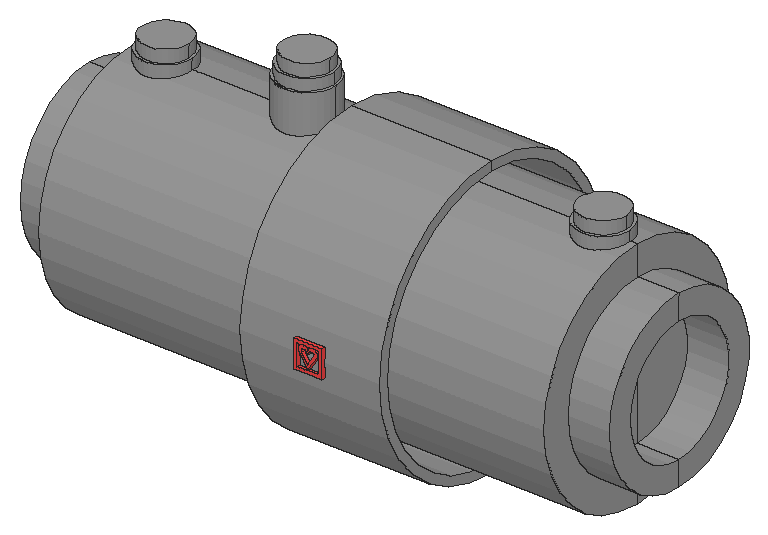
Revit family "Клапан предотвращения обратного потока 0307, внутренняя резьба х внутренняя резьба", category Rohrzubehör, Revit 2019
Family settings
  Bemaßung runder Anschluss = Durchmesser verwenden
  Teiletyp = Unterbricht
  OmniClass-Nummer = 23.65.55.14
  OmniClass-Titel = Valves for Liquid Services
  Arbeitsebenenbasiert = Nein
  Immer vertikal = Ja
  Beim Laden mit Abzugskörper schneiden = Nein
  Gemeinsam genutzt = Nein
Parameters (values of type "внутренняя резьба х внутренняя резьба DN40-DN40")
  Среда = "вода (не пар)"  # constant formula
  Примечание = "В соответствии со статьей 33 Регламента REACH (Registration; Evaluation; Authorisation; Restriction of Chemicals) (EC № 1907/2006) мы обязаны указать, что свинец внесен в список SVHC (Substances of Very High Concern - вещества очень высокой важности) и весовой процент свинца во всех латунных компонентах заводского изготовления в наших изделиях, превышает 0,1 % (w/w) (CAS: 7439-92-1 / EINECS: 231-100-4).\r\nПоскольку свинец является легирующим компонентом сплава, прямое негативное влияние исключается, и поэтому дополнительной информации о безопасном использовании не требуется."
  Область применения = "Клапан предотвращения обратного потока является экономически выгодным решением по дооснащению гидрантов арматурой, в соответствии с предписаниями DIN EN 1717, предотвращающей подсасывание непитьевой воды обратно в трубопровод питьевого водоснабжения.\r\nКлапан предотвращения обратного потока предназначается для установки в горизонтальном положении.\r\nДопускается также его вертикальное положение, но обязательно по направлению движения потока сверху вниз.\r\nКлапан не предусмотрен для установки на стояковых нагнетательных трубопроводах."
  Макс. рабочее давление = 1000000.0 Pa  # constant formula
  Макс. рабочая температура = 65 °C  # constant formula
  Корпус = "нержавеющая сталь"  # constant formula
  Исполнение = "Клапан предотвращения обратного потока ВА разработан согласно требованиям нормы DIN EN 1717.\r\nСогласно этой нормы качество воды, в зависимости от степени загрязнения, разделяется на 5 категорий.\r\nКлапан предотвращения обратного потока типа ВА обеспечивает защиту от непитьевой воды до 4 категории, - это самый высокий класс защиты, который может обеспечить арматура.\r\nБолее низкий уровень защиты, чем тот, что обеспечивается клапаном предотвращения обратного потока, не является стандартом и в случае аварии ответственность несёт потребитель такого гидранта.\r\nФункциональный узел представляет собой картридж с золотником больших размеров и защищающего от гидравлического удара спускного клапана.\r\nРезьбы соединения между собой взаимозаменяемы, при этом возможны 16 вариантов подключения (входная и выходная стороны могут быть с внутренней или наружной резьбой  1 1/2\" , как альтернатива,  с внутренней или наружной резьбой 2\")."
  URL = "www.herz-armaturen.ru"
  SCTWSEQ = "AW;SBT_TYP_AW=\"104\";2"
  SCTWCODE = "04;12;02"  # constant formula
  S03 = 15.000 mm  # constant formula
  S02 = 45.000 mm  # constant formula
  S01 = 98.000 mm  # constant formula
  Nennweite Ein [instance] = if(IG_IG_DN40_DN40, 40.000 mm, if(IG_IG_DN40_DN50, 40.000 mm, if(IG_IG_DN50_DN40, 50.000 mm, if(IG_IG_DN50_DN50, 50.000 mm, 0.000 mm))))  # 40.000 mm
  Nennweite Aus [instance] = if(IG_IG_DN40_DN40, 40.000 mm, if(IG_IG_DN40_DN50, 50.000 mm, if(IG_IG_DN50_DN40, 40.000 mm, if(IG_IG_DN50_DN50, 50.000 mm, 0.000 mm))))  # 40.000 mm
  Макс. допустимая рабочая температура (кратковременно) = 80 °C  # constant formula
  L08 = 45.000 mm  # constant formula
  L07 = 24.500 mm  # constant formula
  L06 = 70.000 mm  # constant formula
  L05 = 28.000 mm  # constant formula
  L04 = 13.500 mm  # constant formula
  L03 = 84.500 mm  # constant formula
  L02 = 18.000 mm  # constant formula
  L01 = 190.000 mm  # constant formula
  Hersteller = "HERZ Armaturen Ges.m.b.H."  # constant formula
  Положение при монтаже = "горизонтально или вертикально, с направлением потока сверху вниз"  # constant formula
  D04 [instance] = if(IG_IG_DN40_DN40, 28.000 mm, if(IG_IG_DN40_DN50, 33.000 mm, if(IG_IG_DN50_DN40, 28.000 mm, if(IG_IG_DN50_DN50, 33.000 mm, 0.000 mm))))  # 28.000 mm
  D03 [instance] = if(IG_IG_DN40_DN40, 28.000 mm, if(IG_IG_DN40_DN50, 28.000 mm, if(IG_IG_DN50_DN40, 33.000 mm, if(IG_IG_DN50_DN50, 33.000 mm, 0.000 mm))))  # 28.000 mm
  D02 = 45.000 mm  # constant formula
  D01 = 37.500 mm  # constant formula
  Номер заказа [instance] = if(IG_IG_DN40_DN40, "I030701", if(IG_IG_DN40_DN50, "I030709", if(IG_IG_DN50_DN40, "I030713", if(IG_IG_DN50_DN50, "I030705", "0"))))  # "I030701"
  IG_IG_DN50_DN50 = no
  IG_IG_DN50_DN40 = no
  IG_IG_DN40_DN50 = no
  IG_IG_DN40_DN40 = yes
  IG Ein [instance] = Nennweite Ein / 2  # 20.000 mm
  IG Aus [instance] = Nennweite Aus / 2  # 20.000 mm
Types (5, lengths in mm): name | Nennweite Ein | Nennweite Aus | D04 | D03 | Номер заказа | IG_IG_DN50_DN50 | IG_IG_DN50_DN40 | IG_IG_DN40_DN50 | IG_IG_DN40_DN40 | IG Ein | IG Aus
  (no name) | 40.000 | 40.000 | 28.000 | 28.000 | "I030701" | no | no | no | yes | 20.000 | 20.000
  внутренняя резьба х внутренняя резьба DN40-DN50 | 40.000 | 50.000 | 33.000 | 28.000 | "I030709" | no | no | yes | no | 20.000 | 25.000
  внутренняя резьба х внутренняя резьба DN40-DN40 | 40.000 | 40.000 | 28.000 | 28.000 | "I030701" | no | no | no | yes | 20.000 | 20.000
  внутренняя резьба х внутренняя резьба DN50-DN50 | 50.000 | 50.000 | 33.000 | 33.000 | "I030705" | yes | no | no | no | 25.000 | 25.000
  внутренняя резьба х внутренняя резьба DN50-DN40 | 50.000 | 40.000 | 28.000 | 33.000 | "I030713" | no | yes | no | no | 25.000 | 20.000
Reference planes
  plane 1 "Mitte (Vorne/hinten)": y = 0
  plane 2: z = 0
  plane 3 "Mitte (Links/rechts)": x = 0
Forms (mm)
  Revolve 1, solid, material "Messing, weicher Gelbton, geschweißt", detail levels fine
    sketch origin (0, 0, 0) x (1, 0, 0) y (0, 0, 1)
      loop
        line (81.5, 0) -> (81.5, 20) -> (95, 20) -> (95, 28) -> (81.5, 28) -> (81.5, 37.5) -> (-81.5, 37.5) -> (-81.5, 28) -> (-95, 28) -> (-95, 20) -> (-81.5, 20) -> (-81.5, 0) -> (81.5, 0)
      axis (-95, 0) -> (95, 0)
    angle from 0 to 360
  Revolve 2, solid, material "Acetalharz, Schwarz", detail levels fine
    sketch origin (0, 0, 0) x (1, 0, 0) y (0, 0, 1)
      loop
        line (-10.5, 0) -> (1.5, 0) -> (1.5, 42) -> (34.5, 42) -> (34.5, 45) -> (-10.5, 45) -> (-10.5, 0)
      axis (-10.5, 0) -> (34.5, 0)
    angle from 0 to 360
  Extrusion 3, solid, material "Messing, weicher Gelbton, geschweißt", detail levels fine
    sketch origin (0, 0, 0) x (1, 0, 0) y (0, 1, 0)
      loop
        circle (-70.5, 0) r 8.5
      loop
        circle (70.5, 0) r 8.5
    from 0 to 40.5
  Extrusion 4, solid, material "Acetalharz, Schwarz", detail levels fine
    sketch origin (0, 0, 0) x (1, 0, 0) y (0, 1, 0)
      loop
        circle (-70.5, 0) r 7.5
      loop
        circle (70.5, 0) r 7.5
    from 40.5 to 44.5
  Extrusion 5, solid, material "Messing, weicher Gelbton, geschweißt", detail levels fine
    sketch origin (0, 0, 0) x (1, 0, 0) y (0, 1, 0)
      loop
        circle (-25, 0) r 9.3
    from 0 to 49
  Extrusion 6, solid, material "Messing, weicher Gelbton, geschweißt", detail levels fine
    sketch origin (0, 0, 0) x (1, 0, 0) y (0, 1, 0)
      loop
        circle (-25, 0) r 8.5
    from 49 to 52.5
  Extrusion 7, solid, material "Acetalharz, Schwarz", visible <- "IG_IG_DN40_DN50", detail levels fine
    sketch origin (0, 0, 0) x (1, 0, 0) y (0, 1, 0)
      loop
        circle (-25, 0) r 7.5
    from 52.5 to 56.5
  Extrusion 8, solid, material "Acetalharz, Schwarz", visible <- "IG_IG_DN40_DN40", detail levels fine
    sketch origin (0, 0, 0) x (1, 0, 0) y (0, 1, 0)
      loop
        circle (-25, 0) r 7.5
    from 52.5 to 56.4
  Extrusion 9, solid, material "Acetalharz, Schwarz", visible <- "IG_IG_DN50_DN50", detail levels fine
    sketch origin (0, 0, 0) x (1, 0, 0) y (0, 1, 0)
      loop
        circle (-25, 0) r 7.5
    from 52.5 to 56.3
  Extrusion 10, solid, material "Acetalharz, Schwarz", visible <- "IG_IG_DN50_DN40", detail levels fine
    sketch origin (0, 0, 0) x (1, 0, 0) y (0, 1, 0)
      loop
        circle (-25, 0) r 7.5
    from 52.5 to 56.2
Lines and regions (mm)
  model lines, detail levels coarse+medium
    curve 1: line (-95, 0, 37.5) -> (95, 0, 37.5)
    curve 2: line (-95, 0, -37.5) -> (-95, 0, 37.5)
    curve 3: line (95, 0, -37.5) -> (-95, 0, -37.5)
    curve 4: line (95, 0, 37.5) -> (95, 0, -37.5)
    curve 5: line (-95, 0, -22.5) -> (-50, 0, -22.5)
    curve 6: line (-3, 0, -22.5) -> (95, 0, -22.5)
    curve 7: line (-95, 0, 22.5) -> (-50, 0, 22.5)
    curve 8: line (-3, 0, 22.5) -> (95, 0, 22.5)
    curve 9: line (-95, 37.5, 0) -> (95, 37.5, 0)
    curve 10: line (-95, -37.5, 0) -> (-95, 37.5, 0)
    curve 11: line (95, -37.5, 0) -> (-95, -37.5, 0)
    curve 12: line (95, 37.5, 0) -> (95, -37.5, 0)
    curve 13: line (-95, 22.5, 0) -> (-50, 22.5, 0)
    curve 14: line (-3, 22.5, 0) -> (95, 22.5, 0)
    curve 15: line (-95, -22.5, 0) -> (-50, -22.5, 0)
    curve 16: line (-3, -22.5, 0) -> (95, -22.5, 0)
Dimensions and locks
  equal spacing: curve 4, plane 3 "Mitte (Links/rechts)", curve 2
  "L01": curve 4 to curve 2
  "D01": curve 1 to plane 2 to curve 3
  "S03": curve 5 to curve 3
  "S03": curve 1 to curve 7
  "S03": curve 1 to curve 8
  "S03": curve 6 to curve 3
  "S02": curve 5 to curve 2
  "S02": curve 7 to curve 2
  "S01": curve 8 to curve 4
  "S01": curve 6 to curve 4
  equal spacing: curve 10, plane 3 "Mitte (Links/rechts)", curve 12
  "L01": curve 10 to curve 12
  "D01": curve 11 to plane 1 "Mitte (Vorne/hinten)" to curve 9
  "S03": curve 13 to curve 9
  "S03": curve 11 to curve 15
  "S03": curve 14 to curve 9
  "S03": curve 11 to curve 16
  "S01": curve 14 to curve 12
  "S01": curve 16 to curve 12
  "S02": curve 10 to curve 15
  "S02": curve 10 to curve 13
  "D02": Revolve 2 sketch curve to Revolve 2 sketch curve
  equal spacing: Revolve 2, nested 1, Revolve 2
  "D02": nested 1 to plane 1 "Mitte (Vorne/hinten)"
  "IG Ein": Revolve 1 sketch curve to plane 2
  "D03": Revolve 1 sketch curve to plane 2
  "D01": Revolve 1 sketch curve to plane 2
  "L03": Revolve 1 to Revolve 2 sketch curve
  "L07": Revolve 1 to Extrusion 3 sketch curve
  "L07": Revolve 1 to Extrusion 4 sketch curve
  "L06": Revolve 1 to Extrusion 5 sketch curve
  "L06": Revolve 1 to Extrusion 6 sketch curve
  "L06": Revolve 1 to Extrusion 10 sketch curve
  "L06": Revolve 1 to Extrusion 9 sketch curve
  "L06": Revolve 1 to Extrusion 8 sketch curve
  "L06": Revolve 1 to Extrusion 7 sketch curve
  "L08": Revolve 2 sketch curve to Revolve 2 sketch curve
  "IG Aus": Revolve 1 sketch curve to Revolve 1 sketch curve
  "D04": Revolve 1 sketch curve to Revolve 1 sketch curve
  "L01": Revolve 1 sketch curve to Revolve 1 sketch curve
  equal spacing: Revolve 1 sketch curve, plane 3 "Mitte (Links/rechts)", Revolve 1 sketch curve
  "L07": Extrusion 3 sketch curve to Revolve 1
  "L07": Extrusion 4 sketch curve to Revolve 1
  "L04": Revolve 1 sketch curve to Revolve 1 sketch curve  (x2)
  aligned and locked: level to plane 2
Automatic sketch dimensions
  Revolve 1 sketch curve to level = 0.000 mm  (x2)
  Revolve 1 sketch curve to Revolve 1 sketch curve = 0.000 mm
  Revolve 1 sketch curve to Revolve 1 sketch curve = 13.500 mm
  Revolve 1 sketch curve to Revolve 1 sketch curve = 1408.530 mm
  Revolve 1 sketch curve to Revolve 1 sketch curve = 1741.148 mm
  Revolve 2 sketch curve to level = 0.000 mm  (x2)
  plane 3 "Mitte (Links/rechts)" to Revolve 2 sketch curve = 1.500 mm
  Revolve 2 sketch curve to Revolve 2 sketch curve = 3.000 mm
  Revolve 2 sketch curve to Revolve 2 sketch curve = 1496.030 mm
  Revolve 2 sketch curve to Revolve 2 sketch curve = 1804.648 mm
  plane 1 "Mitte (Vorne/hinten)" to Extrusion 3 sketch curve = 0.000 mm  (x2)
  plane 1 "Mitte (Vorne/hinten)" to Extrusion 4 sketch curve = 0.000 mm  (x2)
  plane 1 "Mitte (Vorne/hinten)" to Extrusion 5 sketch curve = 0.000 mm
  plane 1 "Mitte (Vorne/hinten)" to Extrusion 6 sketch curve = 0.000 mm
  plane 1 "Mitte (Vorne/hinten)" to Extrusion 7 sketch curve = 0.000 mm
  plane 1 "Mitte (Vorne/hinten)" to Extrusion 8 sketch curve = 0.000 mm
  plane 1 "Mitte (Vorne/hinten)" to Extrusion 9 sketch curve = 0.000 mm
  plane 1 "Mitte (Vorne/hinten)" to Extrusion 10 sketch curve = 0.000 mm
  radius of Extrusion 3 sketch curve = 8.500 mm  (x2)
  radius of Extrusion 4 sketch curve = 7.500 mm  (x2)
  radius of Extrusion 5 sketch curve = 9.300 mm
  radius of Extrusion 6 sketch curve = 8.500 mm
  radius of Extrusion 7 sketch curve = 7.500 mm
  radius of Extrusion 8 sketch curve = 7.500 mm
  radius of Extrusion 9 sketch curve = 7.500 mm
  radius of Extrusion 10 sketch curve = 7.500 mm
Nested families
  nested 1: "Herz-Logo-vorne" at (12, -45, 0) x (0, 1, 0) z (0, 0, 1), type "Herz-Logo-vorne", detail levels fine
Connectors
  piping at (-81.5, 0, 0), diameter 40, driven by "Nennweite Ein"
    settings: on Revolve 1, index 1, connector inside diameter 609.6 mm, connector length 0.000 mm, flow factor 0, pipe flow 0.0 L/s, pressure drop 0.0 Pa, fitting loss kfactor 0, connector angle 0.00°, fixture units 0, engagement length 0.000 mm, angle of deflection 0.00°, flow configuration 0, flow direction 1, fitting loss method 0, system type 29, joint type 0, gender type 0, connector reference index -1, connector utility 0, adjustable connector no, is connector primary yes, connector description ""
  piping at (81.5, 0, 0), diameter 40, driven by "Nennweite Aus"
    settings: on Revolve 1, index 2, connector inside diameter 609.6 mm, connector length 0.000 mm, flow factor 0, pipe flow 0.0 L/s, pressure drop 0.0 Pa, fitting loss kfactor 0, connector angle 0.00°, fixture units 0, engagement length 0.000 mm, angle of deflection 0.00°, flow configuration 0, flow direction 2, fitting loss method 0, system type 29, joint type 0, gender type 0, connector reference index -1, connector utility 0, adjustable connector no, is connector primary no, connector description ""
Definition of nested family "Herz-Logo-vorne"
  Reference planes
    plane 1 "Mitte (Vorne/hinten)": y = 0
    plane 2: z = 0
    plane 3 "Mitte (Links/rechts)": x = 0
  Forms (mm)
    Extrusion 1, solid
      sketch origin (0.732, -0.018, 0.017) x (0, -1, 0) y (0, 0, 1)
        loop
          line (-0.018, -4.517) -> (4.482, -4.517) -> (4.482, 4.483) -> (-4.518, 4.483) -> (-4.518, -4.517) -> (-0.018, -4.517)
        loop
          line (-0.05, -3.48) -> (3.482, -3.48) -> (3.482, 3.483) -> (-3.518, 3.483) -> (-3.518, -3.48) -> (-0.05, -3.48)
        loop
          arc (-0.018, 2.383) -> (-1.543, 3.287) -> (-3.067, 2.383) r 1.738
          arc (-3.067, 2.383) -> (-3.191, 1.899) -> (-3.067, 1.415) r 1.009
          line (-3.067, 1.415) -> (-0.018, -3.281) -> (3.032, 1.415)
          arc (3.032, 1.415) -> (3.156, 1.899) -> (3.032, 2.383) r 1.009
          arc (3.032, 2.383) -> (1.507, 3.287) -> (-0.018, 2.383) r 1.738
        loop
          arc (1.885, 1.272) -> (2.005, 1.675) -> (1.885, 2.079) r 0.74
          arc (1.885, 2.079) -> (1.265, 2.416) -> (0.644, 2.079) r 0.74
          line (0.644, 2.079) -> (-0.018, 0.97) -> (-0.679, 2.079)
          arc (-0.679, 2.079) -> (-1.3, 2.416) -> (-1.921, 2.079) r 0.74
          arc (-1.921, 2.079) -> (-2.04, 1.675) -> (-1.921, 1.272) r 0.74
          line (-1.921, 1.272) -> (-0.018, -1.658) -> (1.885, 1.272)
      from 0 to 1.5
  Dimensions and locks
    aligned and locked: level to plane 2
